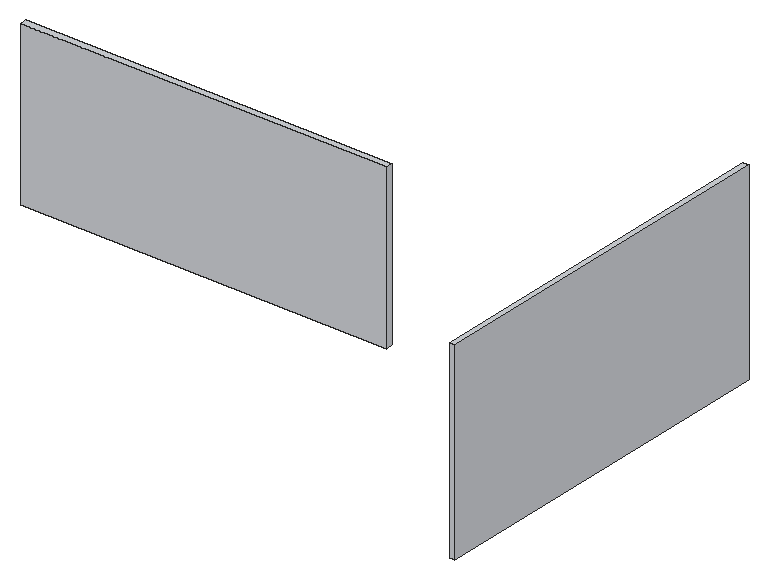
Revit family "EKF450E3 BIM position 3", category Mechanical Equipment, Revit 2013
Parameters (values of type "EKF450E3")
  Width = "700 mm"
  Weight = "83.5 kg"
  Warranty period = "Unit 2 years                                    Motor 5 years"
  Sub Type = "Lo-Carbon Kitchen Box Fan"
  Width (including handles) = "784 mm"
  Height (inclusing controller) = "826 mm"
  Product Description = "Lo-Carbon Kitchen Box Fan"
  Part Number = "EKF450E3"
  Operating Temperature = "(-20C to +40C)"
  Maximum In-Duct Temperature = "120 Degrees C"
  Motor Rating = "0.99kW Max"
  Manufacturer - Website = "www.vent-axia.com"
  Manufacturer - Name = "Vent-Axia Ltd"
  Manufacturer - Email = "sales@vent-axia.com"
  Manufacturer - Contact Phone = "0844 856 0590"
  Manufacturer - Address = "Fleming Way, Crawley, West Sussex RH10 9YX"
  IP Rating = "IP54"
  Height = "700 mm\r\n220mm"
  Length = "700 mm"
  Family = "In-Line Range"
  Country of Manufacture = "UK"
  Category = "Lo-Carbon Kitchen Box Fan"
  AC Voltage Input = "380-415V AC Three Phase"
  AC Frequency Input = "50 Hz"
Reference planes
  plane 1 "Center (Front/Back)": y = 0
  plane 2: z = 0
  plane 3 "Center (Left/Right)": x = 0
  plane 4: z = 413
  plane 5: z = -413
  plane 6: y = -392
  plane 7: y = 392
  plane 8: z = 288.063
  plane 9: z = -411.937
  plane 10: y = 292.257
  plane 11: y = -291.465
  plane 12: z = 217.127
  plane 13: z = -40.516
  plane 14: z = -42.026
  plane 15: z = -346.468
Forms (mm)
  Extrusion 1, solid, detail levels coarse+medium
    sketch origin (-1334.08, 243.949, -45.414) x (1, 0, 0) y (0, 1, 0)
      loop
        line (919.08, 171.051) -> (919.08, -669.889) -> (1723.743, -669.889) -> (1723.743, 171.051) -> (919.08, 171.051)
    from -436.75 to 505.414
  Extrusion 2, solid
    sketch origin (0, 0, 0) x (0, 1, 0) y (0, 0, 1)
      loop
        line (288.268, -42.026) -> (-291.465, -42.026) -> (-291.465, -346.468) -> (288.268, -346.468) -> (288.268, -42.026)
    from 342.569 to 350.569
  Extrusion 3, solid
    sketch origin (-1.465, -692.983, 288.403) x (-1, 0, 0) y (0, 0, 1)
      loop
        line (287.966, -73.403) -> (-292.034, -73.403) -> (-292.034, -330.429) -> (287.966, -330.429) -> (287.966, -73.403)
    from 341.25 to 351.25
Dimensions and locks
  plane 4 to plane 5 = 826 mm
  plane 7 to plane 6 = 784 mm
  plane 9 to plane 8 = 700 mm
  plane 10 to plane 11 = 583.723 mm
  plane 12 to plane 13 = 257.643 mm
  plane 14 to plane 15 = 304.442 mm
Connectors
  hvac at (342.569, -1.732, -193.75)
    settings: on import instance, index 1, duct flow 0.0 L/s, flow factor 0, pres drop 0.0 Pa, loss coef 0, conn angle 0.00°, conn width 584 mm, conn height 304 mm, conn radius 304.8 mm, duct sys type 2, conn prof type 1, flow config 0, flow direction 1, loss method 0, conn ref index -1, conn util no, is conn primary yes, conn desc ""
  hvac at (0.569, -351.732, 87)
    settings: on import instance, index 2, duct flow 0.0 L/s, flow factor 0, pres drop 0.0 Pa, loss coef 0, conn angle 0.00°, conn width 584 mm, conn height 258 mm, conn radius 304.8 mm, duct sys type 2, conn prof type 1, flow config 0, flow direction 2, loss method 0, conn ref index -1, conn util no, is conn primary no, conn desc ""
